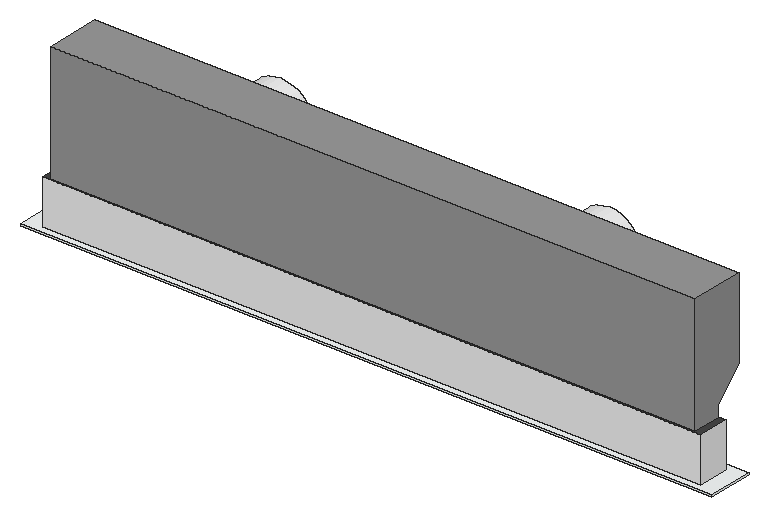
Revit family "HVAC_Ductwork_Airzone_Supply-Linear-Diffuser_DFLI-PX_1000mm1", category Air Terminals, Revit 2016
Family settings
  Part Type = Normal
  Round Connector Dimension = Use Diameter
  OmniClass Number = 23.75.70.21
  OmniClass Title = Terminals for Air
  Work Plane-Based = No
  Always vertical = Yes
  Cut with Voids When Loaded = No
  Shared = No
  Room Calculation Point = Yes
Parameters (values of type "INVALID TYPE - Use Load Family and Type Catalog instead")
  c8 = -0.6279  # constant formula
  c7 = 0.02769  # constant formula
  c6 = -5.505  # constant formula
  c5 = 53.51  # constant formula
  c4 = -37.4  # constant formula
  c3 = -87.76  # constant formula
  c2 = -2.073  # constant formula
  c1 = 0.000712  # constant formula
  Velocity [instance] = (Q / (36 * Ak)) * 1.0 m/s  # 1.98413 m/s
  URL = "www.airzone.es"
  Type Image Comments = "Image available in product documentation download"  # constant formula
  Type Comments = ""
  Throw Distance [instance] = round((c7 * (Ak ^ c8) * Q) * 1000) * 1 mm  # 2901 mm
  Sound Level in dBA [instance] = round((c3 + (c4 * log(Ak))) + ((c5 + (c6 * log(Ak))) * log(Q)))  # 13
  Right Cap [instance] = yes
  Revit Model Version = "1.0"  # constant formula
  Q [instance] = (1000 mm / Duct Width) * Flow / 1 m³/h  # 200
  Product Documentation Download URL = "http://doc.airzone.es/BIM/AirQ/Airzone_DFLI.zip"
  Product Comments = "Refer to technical documentation for further details"  # constant formula
  Product Code = "INVALID – Type not loaded via type catalog"
  Pressure Drop [instance] = ((c1 * (Ak ^ c2)) * (Q ^ 2)) * 1.0 Pa  # 3.36962 Pa
  Plenum Width = 82.7 mm
  Plenum Material = Metal - AIRZONE - Galvanized Sheet - Semi-polished
  Plenum Length = 979.6 mm
  Plenum Height = 180 mm
  Plenum Center Offset = if(Duct Height > 75 mm, 0 mm, 20 mm)  # 20 mm
  Inlet Flow [instance] = Flow / 2  # 100 m³/h
  Model = Product Code  # "INVALID – Type not loaded via type catalog"
  Min Flow = 75 m³/h
  Max Flow = 600 m³/h
  Manufacturer = "AIRZONE"  # constant formula
  Main Material = Metal - AIRZONE - Extruded Aluminium - White (RAL 9010)
  Long Description = "Long-range linear diffuser to enable the air supply. 1-4 air outlets. Provided with moving slats, it is designed to be installed in HVAC duct networks. Available in four different models"  # constant formula
  Left Cap [instance] = yes
  Flow [instance] = 200 m³/h
  Fixing = "Fixing bracket. Plenum"  # constant formula
  Finish = "White ( RAL 9010)"
  Effective Area = (Ak / (1000 mm / Duct Width)) * 100.00 cm²  # 280.00 cm²
  Duct Width = 1000 mm
  Duct Height = 75 mm
  Duct Diameter = 100 mm
  Duct Connection Top Offset = 19 mm
  Duct Connection Diameter = 97.6 mm
  Disclaimer = "All information provided in this model is reviewed before being published. However, Airzone cannot guarantee this model is error-free, therefore users are strongly encouraged to check for technical documentation and updates"  # constant formula
  Description = "Linear diffuser"  # constant formula
  Compatible Accesories = "Plenum for lineal diffuser (PLEN). Linear diffuser corner (DFLIxSQ)"  # constant formula
  Ak = 2.8
  Accessories Material = Metal - AIRZONE - Aluminium - Satin
Reference planes
  plane 1 "Center (Front/Back)": y = 0
  plane 2: z = 0
  plane 3 "Center (Left/Right)": x = 0
  plane 4 "Plenum Bottom": z = 68.7
  plane 5 "Plenum Center (Front/Back)": y = 20
Dimensions and locks
  locked: plane 4 "Plenum Bottom" to level at 68.7
  "Plenum Center Offset": plane 1 "Center (Front/Back)" to plane 5 "Plenum Center (Front/Back)"
  aligned and locked: level to plane 2
  aligned and locked: plane 3 "Center (Left/Right)" to nested 1
  aligned and locked: plane 1 "Center (Front/Back)" to nested 1
  aligned and locked: plane 3 "Center (Left/Right)" to nested 2
  aligned and locked: nested 2 to plane 5 "Plenum Center (Front/Back)"
Nested families
  nested 1: "DFLI_Diffuser" at (0, 0, 0), Main Material <- "Main Material", Accessories Material <- "Accessories Material", Duct Height <- "Duct Height", Duct Width <- "Duct Width", Left Cap <- "Left Cap", Right Cap <- "Right Cap", type "Standard"
    with Slats Width 47 mm, Slats Length 1000 mm, Slats Height 68.7 mm, Right Cap Length 26 mm, Right Cap yes, Outlet Single Visibility yes, Outlet Group Visibility no, Main Material Metal - AIRZONE - Extruded Aluminium - White (RAL 9010), Left Cap Length 26 mm, Left Cap yes, Duct Width 1000 mm, Duct Height 75 mm, Actual Number of Outlets 2, Accessories Material Metal - AIRZONE - Aluminium - Satin
  nested 2: "DFLI_Plenum_1000mm" at (0, 20, 68.7), Main Material <- "Plenum Material", Accessories Material <- "Accessories Material", Duct Connection Top Offset <- "Duct Connection Top Offset", Duct Diameter <- "Duct Diameter", Height <- "Plenum Height", Duct Connection Diameter <- "Duct Connection Diameter", Length <- "Plenum Length", Width <- "Plenum Width", type "Standard"
    with Width 82.7 mm, Void.Extrusion 984.6 mm, Main Material Metal - AIRZONE - Galvanized Sheet - Semi-polished, Length 979.6 mm, Height 180 mm, Duct Diameter 100 mm, Duct Connection Top Offset 19 mm, Duct Connection Diameter 97.6 mm, Accessories Material Metal - AIRZONE - Aluminium - Satin
Connectors
  hvac at (-250, 115.55, 180.9), driven by "Pressure Drop", driven by "Duct Diameter", driven by "Inlet Flow"
    settings: on nested 2, index 1, duct flow 100 m³/h, flow factor 0, pres drop 3.36962 Pa, loss coef 0, conn angle 0.00°, conn width 304.8 mm, conn height 304.8 mm, conn diameter 100 mm, duct sys type 1, conn prof type 0, flow config 1, flow direction 1, loss method 4, conn ref index -1, conn util no, is conn primary yes, conn desc "Supply Air 1"
  hvac at (250, 115.55, 180.9), driven by "Pressure Drop", driven by "Duct Diameter", driven by "Inlet Flow"
    settings: on nested 2, index 2, duct flow 100 m³/h, flow factor 0, pres drop 3.36962 Pa, loss coef 0, conn angle 0.00°, conn width 304.8 mm, conn height 304.8 mm, conn diameter 100 mm, duct sys type 1, conn prof type 0, flow config 1, flow direction 1, loss method 4, conn ref index -1, conn util no, is conn primary no, conn desc "Supply Air 2"
Definition of nested family "DFLI_Diffuser"
  Parameters (values of type "Standard")
    URL = "www.airzone.es"
    Type Comments = ""
    Slats Width [instance] = if(Duct Height < 110 mm, 47 mm, if(Duct Height < 150 mm, 85.3 mm, if(Duct Height < 200 mm, 123.3 mm, 161.9 mm)))  # 161.9 mm
    Slats Length [instance] = Duct Width  # 1000 mm
    Slats Height [instance] = 68.7 mm  # constant formula
    Right Cap Length [instance] = if(Right Cap, 26 mm, 0 mm)  # 26 mm
    Right Cap [instance] = yes
    Revit Model Version = "1.0"  # constant formula
    Revit Model Author URL = "www.a3d.es"
    Revit Model Author = "A3D Consulting"  # constant formula
    Outlet Single Visibility [instance] = not(Slats Width > 47 mm)  # no
    Outlet Group Visibility [instance] = Slats Width > 47 mm  # yes
    Min Flow = 150 m³/h
    Max Flow = 300 m³/h
    Manufacturer = "AIRZONE"  # constant formula
    Main Material [instance] = none
    Left Cap Length [instance] = if(Left Cap, 26 mm, 0 mm)  # 26 mm
    Left Cap [instance] = yes
    Duct Width [instance] = 1000 mm
    Duct Height [instance] = 200 mm
    Disclaimer = "All information provided in this model is reviewed before being published. However, Airzone cannot guarantee this model is error-free, therefore users are strongly encouraged to check for technical documentation and updates"  # constant formula
    Actual Number of Outlets [instance] = if(not(Slats Width > 85.3 mm), 2, if(not(Slats Width > 123.6 mm), 3, 4))  # 4
    Accessories Material [instance] = none
  Reference planes
    plane 1 "Center (Front/Back)": y = 0
    plane 2: z = 0
    plane 3 "Center (Left/Right)": x = 0
    plane 4 "Left": x = -526
    plane 5 "Right": x = 526
    plane 6 "Front": y = -91.95
    plane 7 "Back": y = 91.95
    plane 8 "Inner Left": x = -500
    plane 9 "Inner Right": x = 500
    plane 10 "Inner Back": y = 80.95
    plane 11 "Inner Front": y = -80.95
    plane 12 "First Outlet": y = -56.95
    plane 13 "Last Outlet": y = 56.95
  Forms (mm)
    Extrusion 1, solid, material <- "Main Material"
      sketch origin (0, 0, 0) x (1, 0, 0) y (0, 1, 0)
        loop
          line (-526, 91.95) -> (-526, -91.95) -> (526, -91.95) -> (526, 91.95) -> (-526, 91.95)
      from -2 to 0
    Extrusion 2, solid, material <- "Accessories Material"
      sketch origin (0, 0, 0) x (1, 0, 0) y (0, 1, 0)
        loop
          line (-500, 80.95) -> (-500, -80.95) -> (500, -80.95) -> (500, 80.95) -> (-500, 80.95)
      from 0 to 68.7 <- "Slats Height"
    Extrusion 3, void
      sketch origin (0, 0, 0) x (1, 0, 0) y (0, 1, 0)
        loop
          line (526, 96.95) -> (526, -96.95) -> (550, -96.95) -> (550, 96.95) -> (526, 96.95)
      from -3 to 1
    Extrusion 4, void
      sketch origin (0, 0, 0) x (1, 0, 0) y (0, 1, 0)
        loop
          line (-550, 96.95) -> (-550, -96.95) -> (-526, -96.95) -> (-526, 96.95) -> (-550, 96.95)
      from -3 to 1
  Cuts and joins
    Extrusion 3, Extrusion 4 cuts Extrusion 1
  Dimensions and locks
    equal spacing: plane 10 "Inner Back", plane 1 "Center (Front/Back)", plane 11 "Inner Front"
    "Slats Width": plane 10 "Inner Back" to plane 11 "Inner Front"
    equal spacing: plane 8 "Inner Left", plane 3 "Center (Left/Right)", plane 9 "Inner Right"
    "Slats Length": plane 8 "Inner Left" to plane 9 "Inner Right"
    locked: plane 4 "Left" to plane 8 "Inner Left" at 26
    locked: plane 9 "Inner Right" to plane 5 "Right" at 26
    locked: plane 7 "Back" to plane 10 "Inner Back" at 11
    locked: plane 11 "Inner Front" to plane 6 "Front" at 11
    equal spacing: group 1, group 3, group 4, group 2  (x3)
    locked: plane 7 "Back" to plane 13 "Last Outlet" at 35
    locked: plane 12 "First Outlet" to plane 6 "Front" at 35
    locked: plane 6 "Front" to Extrusion 3 sketch curve at 5
    locked: Extrusion 3 sketch curve to plane 7 "Back" at 5
    locked: plane 9 "Inner Right" to Extrusion 3 sketch curve at 50
    "Right Cap Length": plane 9 "Inner Right" to Extrusion 3 sketch curve
    locked: plane 6 "Front" to Extrusion 4 sketch curve at 5
    locked: Extrusion 4 sketch curve to plane 7 "Back" at 5
    locked: Extrusion 4 sketch curve to plane 8 "Inner Left" at 50
    "Left Cap Length": Extrusion 4 sketch curve to plane 8 "Inner Left"
    aligned and locked: level to plane 2
    aligned and locked: plane 4 "Left" to Extrusion 1 sketch curve
    aligned and locked: Extrusion 1 sketch curve to plane 7 "Back"
    aligned and locked: Extrusion 1 sketch curve to plane 5 "Right"
    aligned and locked: plane 6 "Front" to Extrusion 1 sketch curve
    aligned and locked: Extrusion 2 sketch curve to plane 8 "Inner Left"
    aligned and locked: Extrusion 2 sketch curve to plane 10 "Inner Back"
    aligned and locked: plane 9 "Inner Right" to Extrusion 2 sketch curve
    aligned and locked: plane 11 "Inner Front" to Extrusion 2 sketch curve
    aligned and locked: plane 3 "Center (Left/Right)" to nested 1
    aligned and locked: nested 1 to plane 12 "First Outlet"
    aligned and locked: plane 13 "Last Outlet" to nested 2
    aligned and locked: plane 3 "Center (Left/Right)" to nested 5
    aligned and locked: nested 5 to plane 12 "First Outlet"
  Nested families
    nested 1: "DFLI_Outlet" at (0, -56.95, -2), Length <- "Slats Length", visible <- "Outlet Group Visibility", type "Standard"
      with Length 1000 mm
    nested 2: "DFLI_Outlet" at (0, 56.95, -2), Length <- "Slats Length", visible <- "Outlet Group Visibility", type "Standard"
      with Length 1000 mm
    nested 3: "DFLI_Outlet" at (0, -18.983, -2), Length <- "Slats Length", visible <- "Outlet Group Visibility", type "Standard"
      with Length 1000 mm
    nested 4: "DFLI_Outlet" at (0, 18.983, -2), Length <- "Slats Length", visible <- "Outlet Group Visibility", type "Standard"
      with Length 1000 mm
    nested 5: "DFLI_Outlet" at (0, -56.95, -2), visible <- "Outlet Single Visibility", Length <- "Slats Length", type "Standard"
      with Length 1000 mm
  Definition of nested family "DFLI_Outlet"
    Parameters (values of type "Standard")
      URL = "www.airzone.es"
      Type Comments = ""
      Revit Model Version = "1.0"  # constant formula
      Revit Model Author URL = "www.a3d.es"
      Revit Model Author = "A3D Consulting"  # constant formula
      Min Flow = 0 m³/h
      Max Flow = 0 m³/h
      Manufacturer = "AIRZONE"  # constant formula
      Length [instance] = 179 mm
      Default Elevation = 0 mm
    Reference planes
      plane 1 "Center (Front/Back)": y = 0
      plane 2: z = 0
      plane 3 "Center (Left/Right)": x = 0
      plane 4 "Left": x = -89.5
      plane 5 "Right": x = 89.5
    Forms (mm)
      Extrusion 1, solid, detail levels fine
        sketch origin (0, 0, 0) x (1, 0, 0) y (0, 1, 0)
          loop
            line (-89.5, -8.5) -> (89.5, -8.5) -> (89.5, 8.5) -> (-89.5, 8.5) -> (-89.5, -8.5)
        from -1 to 0
    Lines and regions (mm)
      model lines, detail levels medium
        curve 1: line (89.5, 0, 0) -> (-89.5, 0, 0)
      symbolic lines, detail levels medium
        curve 2: line (-89.5, 0, 0) -> (89.5, 0, 0)
      symbolic lines, detail levels fine
        curve 3: line (-89.5, 8.5, 0) -> (89.5, 8.5, 0)
        curve 4: line (89.5, 8.5, 0) -> (89.5, -8.5, 0)
        curve 5: line (89.5, -8.5, 0) -> (-89.5, -8.5, 0)
        curve 6: line (-89.5, -8.5, 0) -> (-89.5, 8.5, 0)
    Dimensions and locks
      equal spacing: plane 4 "Left", plane 3 "Center (Left/Right)", plane 5 "Right"
      "Length": plane 4 "Left" to plane 5 "Right"
      equal spacing: curve 5, plane 1 "Center (Front/Back)", curve 3
      locked: curve 5 to curve 3 at 17
      equal spacing: Extrusion 1 sketch curve, plane 1 "Center (Front/Back)", Extrusion 1 sketch curve
      locked: Extrusion 1 sketch curve to Extrusion 1 sketch curve at 17
      aligned and locked: level to plane 2
      aligned and locked: plane 1 "Center (Front/Back)" to curve 2
      aligned and locked: curve 1 to plane 1 "Center (Front/Back)"
      aligned and locked: plane 4 "Left" to curve 6
      aligned and locked: plane 5 "Right" to curve 4
      aligned and locked: Extrusion 1 sketch curve to plane 4 "Left"
      aligned and locked: Extrusion 1 sketch curve to plane 5 "Right"
Definition of nested family "DFLI_Plenum_1000mm"
  Parameters (values of type "Standard")
    Width [instance] = 82.7 mm
    Void.Extrusion [instance] = if(Duct Diameter = 100 mm, Length + 5 mm, 2 mm)  # 984.6 mm
    URL = "www.airzone.es"
    Type Comments = ""
    Revit Model Version = "1.0"  # constant formula
    Revit Model Author URL = "www.a3d.es"
    Revit Model Author = "A3D Consulting"  # constant formula
    Manufacturer = "AIRZONE"  # constant formula
    Main Material [instance] = none
    Length [instance] = 979.6 mm
    Duct Diameter [instance] = 100 mm
    Duct Connection Top Offset [instance] = 19 mm
    Duct Connection Diameter [instance] = 97.6 mm
    Height [instance] = 180 mm
    Disclaimer = "All information provided in this model is reviewed before being published. However, Airzone cannot guarantee this model is error-free, therefore users are strongly encouraged to check for technical documentation and updates"  # constant formula
    Default Elevation = 0 mm
    Accessories Material [instance] = none
  Reference planes
    plane 1 "Center (Front/Back)": y = 0
    plane 2 "Bottom": z = 0
    plane 3 "Center (Left/Right)": x = 0
    plane 4 "Left": x = -489.8
    plane 5 "Right": x = 489.8
    plane 6 "Front": y = -41.35
    plane 7 "Back": y = 41.35
    plane 8 "Top": z = 180
    plane 9: y = 1.45
    plane 10: z = 16.29
    plane 11: z = 55.75
    plane 12 "Void.Aux": x = -494.8
    plane 13 "Left Inlet-Outlet": x = -250
    plane 14 "Right Inlet-Outlet": x = 250
    plane 15 "Inlet-Outlet Top": z = 161
    plane 16 "Inlet-Outlet Center (Top/Bootom)": z = 112.2
    plane 17 "Inlet-Outlet Bottom": z = 63.4
  Forms (mm)
    Extrusion 1, solid, material <- "Main Material"
      sketch origin (0, 0, 0) x (1, 0, 0) y (0, 1, 0)
        loop
          line (-489.8, 41.35) -> (-489.8, -41.35) -> (489.8, -41.35) -> (489.8, 41.35) -> (-489.8, 41.35)
      from 0 to 180 <- "Height"
    Extrusion 2, solid, material <- "Accessories Material"
      sketch origin (0, 41.35, 0) x (-1, 0, 0) y (0, 0, 1)
        loop
          circle (250, 112.2) r 48.8
      from 0 to 54.2
    Extrusion 3, void
      sketch origin (-494.8, 0, 0) x (0, 1, 0) y (0, 0, 1)
        loop
          line (41.35, 0) -> (41.35, 55.75) -> (1.45, 16.29) -> (1.45, 0) -> (41.35, 0)
      from 0 to 984.6 <- "Void.Extrusion"
    Extrusion 4, solid, material <- "Accessories Material"
      sketch origin (0, 41.35, 0) x (-1, 0, 0) y (0, 0, 1)
        loop
          circle (-250, 112.2) r 48.8
      from 0 to 54.2
  Cuts and joins
    Extrusion 3 cuts Extrusion 1
  Dimensions and locks
    equal spacing: plane 4 "Left", plane 3 "Center (Left/Right)", plane 5 "Right"
    "Length": plane 4 "Left" to plane 5 "Right"
    equal spacing: plane 6 "Front", plane 1 "Center (Front/Back)", plane 7 "Back"
    "Width": plane 6 "Front" to plane 7 "Back"
    "Height": plane 8 "Top" to level
    locked: plane 9 to plane 6 "Front" at 42.8
    locked: plane 10 to level at 16.29
    locked: plane 11 to level at 55.75
    locked: plane 12 "Void.Aux" to plane 4 "Left" at 5
    plane 13 "Left Inlet-Outlet" to plane 3 "Center (Left/Right)" to plane 14 "Right Inlet-Outlet" = 250 mm locked, 250 mm locked
    "Duct Connection Top Offset": plane 8 "Top" to plane 15 "Inlet-Outlet Top"
    "Duct Connection Diameter": plane 15 "Inlet-Outlet Top" to plane 17 "Inlet-Outlet Bottom"
    equal spacing: plane 15 "Inlet-Outlet Top", plane 16 "Inlet-Outlet Center (Top/Bootom)", plane 17 "Inlet-Outlet Bottom"
    "Duct Connection Diameter": diameter of Extrusion 2 sketch curve
    "Duct Connection Diameter": diameter of Extrusion 4 sketch curve
    aligned and locked: level to plane 2 "Bottom"
    aligned and locked: Extrusion 1 sketch curve to plane 7 "Back"
    aligned and locked: Extrusion 1 sketch curve to plane 5 "Right"
    aligned and locked: plane 6 "Front" to Extrusion 1 sketch curve
    aligned and locked: Extrusion 1 sketch curve to plane 4 "Left"
    aligned and locked: level to Extrusion 3 sketch curve
    aligned and locked: Extrusion 3 sketch curve to plane 9
    aligned and locked: plane 7 "Back" to Extrusion 3 sketch curve
    aligned and locked: plane 11 to Extrusion 3 sketch curve
    aligned and locked: plane 10 to Extrusion 3 sketch curve
    aligned and locked: plane 13 "Left Inlet-Outlet" to Extrusion 2 sketch curve
    aligned and locked: plane 16 "Inlet-Outlet Center (Top/Bootom)" to Extrusion 2 sketch curve
    aligned and locked: plane 14 "Right Inlet-Outlet" to Extrusion 4 sketch curve
    aligned and locked: plane 16 "Inlet-Outlet Center (Top/Bootom)" to Extrusion 4 sketch curve
